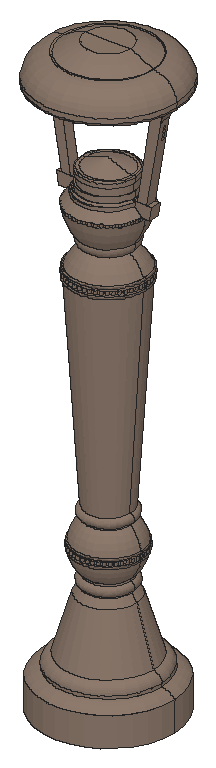
Revit family "BL7801", category Generic Models, Revit 2014
Parameters
  TOP CAP = Bronze, Architectural
  LENS = Acrylic
  DETAIL = Bronze, Architectural
  BODY = Bronze, Architectural
  ARMS = Bronze, Architectural
  ARM = Bronze, Architectural
Reference planes (in)
  plane 1 "Center (Front/Back)": y = 0
  plane 2: z = 0
  plane 3 "Center (Left/Right)": x = 0
  plane 4: y = 0.375
  plane 5: y = -0.375
Forms (in)
  Revolve 1, solid, material "Bronze, Architectural" <- "BODY"
    sketch origin (0, 0, 0) x (1, 0, 0) y (0, 0, 1)
      loop
        line (-5.17222, 2.29855) -> (-5.17222, 0) -> (0, 0) -> (0, 38.55176) -> (-1.78106, 37.91666) -> (-2.02741, 37.91666)
        arc (-2.02741, 37.91666) -> (-2.09197, 37.88992) -> (-2.11871, 37.82537) r 0.0913
        line (-2.11871, 37.82537) -> (-2.11871, 37.52756) -> (-2.02183, 37.52756) -> (-2.02183, 36.89956) -> (-2.11565, 36.89957) -> (-2.11565, 36.48192) -> (-2.2242, 36.48192)
        arc (-2.2242, 36.48192) -> (-2.29793, 36.42509) -> (-2.33856, 36.34134) r 0.20311
        line (-2.33856, 36.34134) -> (-2.39631, 36.34134) -> (-2.39634, 36.06009)
        arc (-2.39634, 36.06009) -> (-2.6927, 35.77315) -> (-2.96383, 35.46225) r 4.89171
        line (-2.96383, 35.46225) -> (-2.91629, 35.46225) -> (-2.8814, 35.22032) -> (-2.92966, 35.22032)
        arc (-2.92966, 35.22032) -> (-2.61464, 34.15583) -> (-2.05393, 33.19772) r 4.60282
        arc (-2.05393, 33.19772) -> (-2.00282, 32.70846) -> (-1.58935, 32.44195) r 0.56891
        arc (-1.58935, 32.44195) -> (-2.27867, 31.82113) -> (-2.78941, 31.04672) r 3.6534
        line (-2.78941, 31.04672) -> (-2.84581, 31.04672)
        arc (-2.84581, 31.04672) -> (-2.91612, 30.9764) -> (-2.84581, 30.90609) r 0.07031
        line (-2.84581, 30.90609) -> (-2.84581, 30.31604)
        arc (-2.84581, 30.31604) -> (-2.91606, 30.24578) -> (-2.84581, 30.17553) r 0.07025
        line (-2.84581, 30.17553) -> (-2.79711, 30.17553) -> (-1.71712, 14.18094)
        arc (-1.71712, 14.18094) -> (-2.01527, 13.83748) -> (-1.7262, 13.48634) r 0.35224
        line (-1.7262, 13.48634) -> (-1.7262, 13.35336)
        arc (-1.7262, 13.35336) -> (-2.26805, 12.65716) -> (-2.5398, 11.81785) r 2.54626
        arc (-2.5398, 11.81785) -> (-2.61295, 11.76713) -> (-2.55341, 11.70096) r 0.05931
        line (-2.55341, 11.70096) -> (-2.55341, 11.22907)
        arc (-2.55341, 11.22907) -> (-2.61348, 11.16315) -> (-2.53989, 11.11279) r 0.0591
        arc (-2.53989, 11.11279) -> (-2.26834, 10.27341) -> (-1.72667, 9.57708) r 2.54626
        line (-1.72667, 9.57708) -> (-1.72667, 9.44372)
        arc (-1.72667, 9.44372) -> (-2.02954, 9.13814) -> (-1.84498, 8.74949) r 0.37437
        line (-1.84498, 8.74949) -> (-1.84498, 8.66474)
        arc (-1.84498, 8.66474) -> (-2.04614, 8.36435) -> (-2.22269, 8.04886) r 4.52786
        line (-2.22269, 8.04886) -> (-3.52006, 3.85481)
        arc (-3.52006, 3.85481) -> (-3.98076, 3.59974) -> (-4.16383, 3.10599) r 0.75738
        line (-4.16383, 3.10599) -> (-4.16383, 2.87868)
        arc (-4.16383, 2.87868) -> (-4.72913, 2.69482) -> (-5.17222, 2.29855) r 1.44196
      axis (0, 38.55176) -> (0, 0)
    angle from 0 to 360
  Extrusion 2, solid, material "Bronze, Architectural" <- "ARM"
    sketch origin (0, 0, 0) x (1, 0, 0) y (0, 0, 1)
      loop
        arc (2.2242, 36.48192) -> (2.29764, 36.42486) -> (2.33856, 36.34134) r 0.20628
        line (2.33856, 36.34134) -> (2.39631, 36.34134) -> (2.39631, 36.06033)
        arc (2.39631, 36.06033) -> (2.67369, 35.7924) -> (2.92954, 35.50385) r 4.99008
        line (2.92954, 35.50385) -> (3.57696, 35.50385) -> (3.7242, 36.48192) -> (2.2242, 36.48192)
      loop
        line (-2.2242, 36.48192) -> (-3.7242, 36.48192) -> (-3.57696, 35.50385) -> (-2.92954, 35.50385)
        arc (-2.92954, 35.50385) -> (-2.67369, 35.7924) -> (-2.39631, 36.06033) r 4.99008
        line (-2.39631, 36.06033) -> (-2.39631, 36.34134) -> (-2.33856, 36.34134)
        arc (-2.33856, 36.34134) -> (-2.29764, 36.42486) -> (-2.2242, 36.48192) r 0.20628
    from -0.375 to 0.375
  Extrusion 3, solid, material "Bronze, Architectural" <- "BODY"
    sketch origin (-22.64624, 30.96454, 36.96488) x (0, -1, 0) y (1, 0, 0)
      loop
        arc (33.9065, 22.64613) -> (33.87897, 22.7126) -> (33.8125, 22.74013) r 0.094
        arc (33.8125, 22.74013) -> (33.80643, 22.83233) -> (33.79961, 22.92447) r 11.14513
        arc (33.79961, 22.92447) -> (33.88129, 23.0304) -> (33.77433, 23.11075) r 0.094
        arc (33.77433, 23.11075) -> (33.75783, 23.20162) -> (33.73909, 23.29206) r 3.74755
        arc (33.73909, 23.29206) -> (33.80628, 23.40737) -> (33.69043, 23.47365) r 0.094
        arc (33.69043, 23.47365) -> (33.66146, 23.56134) -> (33.6303, 23.64829) r 3.68966
        arc (33.6303, 23.64829) -> (33.68229, 23.77244) -> (33.55687, 23.82129) r 0.094
        arc (33.55687, 23.82129) -> (33.51846, 23.90523) -> (33.47596, 23.98716) r 1.86754
        arc (33.47596, 23.98716) -> (33.51245, 24.11674) -> (33.38199, 24.14992) r 0.094
        arc (33.38199, 24.14992) -> (33.3327, 24.22798) -> (33.27879, 24.30293) r 1.53124
        arc (33.27879, 24.30293) -> (33.29875, 24.43657) -> (33.16452, 24.45209) r 0.094
        arc (33.16452, 24.45209) -> (33.10656, 24.52398) -> (33.04343, 24.59138) r 1.24757
        arc (33.04343, 24.59138) -> (33.04504, 24.72588) -> (32.91054, 24.72428) r 0.094
        arc (32.91054, 24.72428) -> (32.84248, 24.78668) -> (32.77218, 24.84653) r 2.50879
        arc (32.77218, 24.84653) -> (32.7554, 24.97984) -> (32.62248, 24.96019) r 0.094
        arc (32.62248, 24.96019) -> (32.54706, 25.01344) -> (32.46943, 25.06342) r 2.16065
        arc (32.46943, 25.06342) -> (32.43589, 25.1933) -> (32.30665, 25.15741) r 0.094
        arc (32.30665, 25.15741) -> (32.22504, 25.20066) -> (32.14072, 25.23833) r 1.37278
        arc (32.14072, 25.23833) -> (32.0903, 25.36368) -> (31.96668, 25.30916) r 0.094
        arc (31.96668, 25.30916) -> (31.88051, 25.34229) -> (31.79221, 25.36924) r 1.30429
        arc (31.79221, 25.36924) -> (31.72644, 25.48715) -> (31.61066, 25.41769) r 0.094
        arc (31.61066, 25.41769) -> (31.52043, 25.43715) -> (31.4299, 25.45518) r 5.82574
        arc (31.4299, 25.45518) -> (31.34919, 25.56218) -> (31.24353, 25.47972) r 0.094
        arc (31.24353, 25.47972) -> (31.15146, 25.48695) -> (31.05928, 25.4926) r 5.38285
        arc (31.05928, 25.4926) -> (31.03153, 25.55959) -> (30.96454, 25.58734) r 0.09474
        arc (30.96454, 25.58734) -> (30.89755, 25.55959) -> (30.8698, 25.4926) r 0.09474
        arc (30.8698, 25.4926) -> (30.77762, 25.48695) -> (30.68554, 25.47972) r 5.38285
        arc (30.68554, 25.47972) -> (30.57989, 25.56218) -> (30.49918, 25.45518) r 0.094
        arc (30.49918, 25.45518) -> (30.40865, 25.43715) -> (30.31842, 25.41769) r 5.82574
        arc (30.31842, 25.41769) -> (30.20264, 25.48715) -> (30.13687, 25.36924) r 0.094
        arc (30.13687, 25.36924) -> (30.04857, 25.34229) -> (29.9624, 25.30916) r 1.30429
        arc (29.9624, 25.30916) -> (29.83878, 25.36368) -> (29.78836, 25.23833) r 0.094
        arc (29.78836, 25.23833) -> (29.70403, 25.20066) -> (29.62243, 25.15741) r 1.37278
        arc (29.62243, 25.15741) -> (29.49319, 25.1933) -> (29.45965, 25.06342) r 0.094
        arc (29.45965, 25.06342) -> (29.38202, 25.01344) -> (29.3066, 24.96019) r 2.16065
        arc (29.3066, 24.96019) -> (29.17368, 24.97984) -> (29.1569, 24.84653) r 0.094
        arc (29.1569, 24.84653) -> (29.0866, 24.78668) -> (29.01854, 24.72428) r 2.50879
        arc (29.01854, 24.72428) -> (28.88404, 24.72588) -> (28.88564, 24.59138) r 0.094
        arc (28.88564, 24.59138) -> (28.82252, 24.52398) -> (28.76456, 24.45209) r 1.24757
        arc (28.76456, 24.45209) -> (28.63033, 24.43657) -> (28.65029, 24.30293) r 0.094
        arc (28.65029, 24.30293) -> (28.59638, 24.22798) -> (28.54709, 24.14992) r 1.53124
        arc (28.54709, 24.14992) -> (28.41663, 24.11674) -> (28.45312, 23.98716) r 0.094
        arc (28.45312, 23.98716) -> (28.41061, 23.90523) -> (28.37221, 23.82129) r 1.86754
        arc (28.37221, 23.82129) -> (28.24678, 23.77244) -> (28.29878, 23.64829) r 0.094
        arc (28.29878, 23.64829) -> (28.26762, 23.56134) -> (28.23865, 23.47365) r 3.68966
        arc (28.23865, 23.47365) -> (28.1228, 23.40737) -> (28.18999, 23.29206) r 0.094
        arc (28.18999, 23.29206) -> (28.17125, 23.20162) -> (28.15475, 23.11075) r 3.74755
        arc (28.15475, 23.11075) -> (28.04779, 23.0304) -> (28.12947, 22.92447) r 0.094
        arc (28.12947, 22.92447) -> (28.12264, 22.83233) -> (28.11658, 22.74013) r 11.14513
        arc (28.11658, 22.74013) -> (28.05011, 22.7126) -> (28.02258, 22.64613) r 0.094
        arc (28.02258, 22.64613) -> (28.05011, 22.57966) -> (28.11658, 22.55213) r 0.094
        arc (28.11658, 22.55213) -> (28.12264, 22.45994) -> (28.12947, 22.36779) r 11.14513
        arc (28.12947, 22.36779) -> (28.04779, 22.26186) -> (28.15475, 22.18151) r 0.094
        arc (28.15475, 22.18151) -> (28.17125, 22.09064) -> (28.18999, 22.0002) r 3.74755
        arc (28.18999, 22.0002) -> (28.1228, 21.88489) -> (28.23865, 21.81862) r 0.094
        arc (28.23865, 21.81862) -> (28.26762, 21.73092) -> (28.29878, 21.64398) r 3.68966
        arc (28.29878, 21.64398) -> (28.24678, 21.51982) -> (28.37221, 21.47098) r 0.094
        arc (28.37221, 21.47098) -> (28.41061, 21.38704) -> (28.45312, 21.3051) r 1.86754
        arc (28.45312, 21.3051) -> (28.41663, 21.17552) -> (28.54709, 21.14234) r 0.094
        arc (28.54709, 21.14234) -> (28.59638, 21.06428) -> (28.65029, 20.98933) r 1.53124
        arc (28.65029, 20.98933) -> (28.63033, 20.85569) -> (28.76456, 20.84017) r 0.094
        arc (28.76456, 20.84017) -> (28.82252, 20.76828) -> (28.88564, 20.70088) r 1.24757
        arc (28.88564, 20.70088) -> (28.88404, 20.56638) -> (29.01854, 20.56798) r 0.094
        arc (29.01854, 20.56798) -> (29.0866, 20.50558) -> (29.1569, 20.44573) r 2.50879
        arc (29.1569, 20.44573) -> (29.17368, 20.31242) -> (29.3066, 20.33207) r 0.094
        arc (29.3066, 20.33207) -> (29.38202, 20.27882) -> (29.45965, 20.22884) r 2.16065
        arc (29.45965, 20.22884) -> (29.49319, 20.09896) -> (29.62243, 20.13486) r 0.094
        arc (29.62243, 20.13486) -> (29.70403, 20.0916) -> (29.78836, 20.05393) r 1.37278
        arc (29.78836, 20.05393) -> (29.83878, 19.92858) -> (29.9624, 19.9831) r 0.094
        arc (29.9624, 19.9831) -> (30.04857, 19.94997) -> (30.13687, 19.92302) r 1.30429
        arc (30.13687, 19.92302) -> (30.20264, 19.80511) -> (30.31842, 19.87457) r 0.094
        arc (30.31842, 19.87457) -> (30.40865, 19.85511) -> (30.49918, 19.83708) r 5.82574
        arc (30.49918, 19.83708) -> (30.57989, 19.73008) -> (30.68554, 19.81255) r 0.094
        arc (30.68554, 19.81255) -> (30.77762, 19.80531) -> (30.8698, 19.79966) r 5.38285
        arc (30.8698, 19.79966) -> (30.89755, 19.73267) -> (30.96454, 19.70492) r 0.09474
        arc (30.96454, 19.70492) -> (31.03153, 19.73267) -> (31.05928, 19.79966) r 0.09474
        arc (31.05928, 19.79966) -> (31.15146, 19.80531) -> (31.24353, 19.81255) r 5.38285
        arc (31.24353, 19.81255) -> (31.34919, 19.73008) -> (31.4299, 19.83708) r 0.094
        arc (31.4299, 19.83708) -> (31.52043, 19.85511) -> (31.61066, 19.87457) r 5.82574
        arc (31.61066, 19.87457) -> (31.72644, 19.80511) -> (31.79221, 19.92302) r 0.094
        arc (31.79221, 19.92302) -> (31.88051, 19.94997) -> (31.96668, 19.9831) r 1.30429
        arc (31.96668, 19.9831) -> (32.0903, 19.92858) -> (32.14072, 20.05393) r 0.094
        arc (32.14072, 20.05393) -> (32.22504, 20.0916) -> (32.30665, 20.13486) r 1.37278
        arc (32.30665, 20.13486) -> (32.43589, 20.09896) -> (32.46943, 20.22884) r 0.094
        arc (32.46943, 20.22884) -> (32.54706, 20.27882) -> (32.62248, 20.33207) r 2.16065
        arc (32.62248, 20.33207) -> (32.7554, 20.31242) -> (32.77218, 20.44573) r 0.094
        arc (32.77218, 20.44573) -> (32.84248, 20.50558) -> (32.91054, 20.56798) r 2.50879
        arc (32.91054, 20.56798) -> (33.04504, 20.56638) -> (33.04343, 20.70088) r 0.094
        arc (33.04343, 20.70088) -> (33.10656, 20.76828) -> (33.16452, 20.84017) r 1.24757
        arc (33.16452, 20.84017) -> (33.29875, 20.85569) -> (33.27879, 20.98933) r 0.094
        arc (33.27879, 20.98933) -> (33.3327, 21.06428) -> (33.38199, 21.14234) r 1.53124
        arc (33.38199, 21.14234) -> (33.51245, 21.17552) -> (33.47596, 21.3051) r 0.094
        arc (33.47596, 21.3051) -> (33.51846, 21.38704) -> (33.55687, 21.47098) r 1.86754
        arc (33.55687, 21.47098) -> (33.68229, 21.51982) -> (33.6303, 21.64398) r 0.094
        arc (33.6303, 21.64398) -> (33.66146, 21.73092) -> (33.69043, 21.81862) r 3.68966
        arc (33.69043, 21.81862) -> (33.80628, 21.88489) -> (33.73909, 22.0002) r 0.094
        arc (33.73909, 22.0002) -> (33.75783, 22.09064) -> (33.77433, 22.18151) r 3.74755
        arc (33.77433, 22.18151) -> (33.88129, 22.26186) -> (33.79961, 22.36779) r 0.094
        arc (33.79961, 22.36779) -> (33.80643, 22.45994) -> (33.8125, 22.55213) r 11.14513
        arc (33.8125, 22.55213) -> (33.87897, 22.57966) -> (33.9065, 22.64613) r 0.094
    from -6.44965 to -6.26004
  Extrusion 4, solid, material "Bronze, Architectural" <- "BODY"
    sketch origin (-22.64612, 12.64711, 0.93911) x (0, -1, 0) y (1, 0, 0)
      loop
        arc (15.29448, 22.64613) -> (15.26694, 22.7126) -> (15.20048, 22.74013) r 0.094
        arc (15.20048, 22.74013) -> (15.19445, 22.82827) -> (15.18508, 22.91611) r 2.31945
        arc (15.18508, 22.91611) -> (15.26775, 23.02127) -> (15.16157, 23.10262) r 0.094
        arc (15.16157, 23.10262) -> (15.14203, 23.1888) -> (15.12182, 23.27483) r 11.43628
        arc (15.12182, 23.27483) -> (15.18724, 23.39196) -> (15.06891, 23.45519) r 0.094
        arc (15.06891, 23.45519) -> (15.03973, 23.53853) -> (15.00565, 23.61998) r 1.48513
        arc (15.00565, 23.61998) -> (15.05533, 23.74569) -> (14.92801, 23.79108) r 0.094
        arc (14.92801, 23.79108) -> (14.88792, 23.86973) -> (14.84449, 23.94659) r 2.05883
        arc (14.84449, 23.94659) -> (14.87369, 24.07822) -> (14.74129, 24.10364) r 0.094
        arc (14.74129, 24.10364) -> (14.69099, 24.17619) -> (14.63705, 24.24608) r 1.72704
        arc (14.63705, 24.24608) -> (14.64775, 24.37991) -> (14.51373, 24.38794) r 0.094
        arc (14.51373, 24.38794) -> (14.45239, 24.45188) -> (14.38845, 24.51322) r 2.13814
        arc (14.38845, 24.51322) -> (14.38016, 24.64702) -> (14.2466, 24.63556) r 0.09368
        arc (14.2466, 24.63556) -> (14.17758, 24.69064) -> (14.10561, 24.7418) r 1.58886
        arc (14.10561, 24.7418) -> (14.07779, 24.87288) -> (13.94717, 24.84299) r 0.09401
        arc (13.94717, 24.84299) -> (13.87076, 24.88739) -> (13.7918, 24.92707) r 1.45772
        arc (13.7918, 24.92707) -> (13.74733, 25.054) -> (13.6216, 25.00624) r 0.09389
        arc (13.6216, 25.00624) -> (13.53941, 25.03852) -> (13.45615, 25.06795) r 2.55387
        arc (13.45615, 25.06795) -> (13.39237, 25.18644) -> (13.27549, 25.11975) r 0.094
        arc (13.27549, 25.11975) -> (13.1898, 25.14178) -> (13.1028, 25.15788) r 1.28671
        arc (13.1028, 25.15788) -> (13.02419, 25.26638) -> (12.91726, 25.18564) r 0.09382
        arc (12.91726, 25.18564) -> (12.8295, 25.19509) -> (12.74125, 25.19658) r 0.9783
        arc (12.74125, 25.19658) -> (12.71464, 25.26493) -> (12.64709, 25.29351) r 0.09428
        arc (12.64709, 25.29351) -> (12.57955, 25.26493) -> (12.55293, 25.19658) r 0.09428
        arc (12.55293, 25.19658) -> (12.46468, 25.19509) -> (12.37692, 25.18564) r 0.9783
        arc (12.37692, 25.18564) -> (12.27, 25.26638) -> (12.19138, 25.15788) r 0.09382
        arc (12.19138, 25.15788) -> (12.10438, 25.14178) -> (12.01869, 25.11975) r 1.28671
        arc (12.01869, 25.11975) -> (11.90181, 25.18644) -> (11.83803, 25.06795) r 0.094
        arc (11.83803, 25.06795) -> (11.75478, 25.03852) -> (11.67259, 25.00624) r 2.55387
        arc (11.67259, 25.00624) -> (11.54686, 25.054) -> (11.50238, 24.92707) r 0.09389
        arc (11.50238, 24.92707) -> (11.42343, 24.88739) -> (11.34702, 24.84299) r 1.45772
        arc (11.34702, 24.84299) -> (11.21639, 24.87288) -> (11.18857, 24.7418) r 0.09401
        arc (11.18857, 24.7418) -> (11.1166, 24.69064) -> (11.04758, 24.63556) r 1.58886
        arc (11.04758, 24.63556) -> (10.91402, 24.64702) -> (10.90574, 24.51322) r 0.09368
        arc (10.90574, 24.51322) -> (10.8418, 24.45188) -> (10.78045, 24.38794) r 2.13814
        arc (10.78045, 24.38794) -> (10.64643, 24.37991) -> (10.65714, 24.24608) r 0.094
        arc (10.65714, 24.24608) -> (10.6032, 24.17619) -> (10.5529, 24.10364) r 1.72704
        arc (10.5529, 24.10364) -> (10.42049, 24.07822) -> (10.44969, 23.94659) r 0.094
        arc (10.44969, 23.94659) -> (10.40627, 23.86973) -> (10.36617, 23.79108) r 2.05883
        arc (10.36617, 23.79108) -> (10.23885, 23.74569) -> (10.28853, 23.61998) r 0.094
        arc (10.28853, 23.61998) -> (10.25446, 23.53853) -> (10.22528, 23.45519) r 1.48513
        arc (10.22528, 23.45519) -> (10.10694, 23.39196) -> (10.17237, 23.27483) r 0.094
        arc (10.17237, 23.27483) -> (10.15215, 23.1888) -> (10.13261, 23.10262) r 11.43628
        arc (10.13261, 23.10262) -> (10.02644, 23.02127) -> (10.10911, 22.91611) r 0.094
        arc (10.10911, 22.91611) -> (10.09973, 22.82827) -> (10.09371, 22.74013) r 2.31945
        arc (10.09371, 22.74013) -> (10.02724, 22.7126) -> (9.99971, 22.64613) r 0.094
        arc (9.99971, 22.64613) -> (10.02724, 22.57966) -> (10.09371, 22.55213) r 0.094
        arc (10.09371, 22.55213) -> (10.09973, 22.46399) -> (10.10911, 22.37615) r 2.31945
        arc (10.10911, 22.37615) -> (10.02644, 22.27099) -> (10.13261, 22.18964) r 0.094
        arc (10.13261, 22.18964) -> (10.15215, 22.10346) -> (10.17237, 22.01744) r 11.43628
        arc (10.17237, 22.01744) -> (10.10694, 21.9003) -> (10.22528, 21.83707) r 0.094
        arc (10.22528, 21.83707) -> (10.25446, 21.75374) -> (10.28853, 21.67228) r 1.48513
        arc (10.28853, 21.67228) -> (10.23885, 21.54658) -> (10.36617, 21.50118) r 0.094
        arc (10.36617, 21.50118) -> (10.40627, 21.42253) -> (10.44969, 21.34567) r 2.05883
        arc (10.44969, 21.34567) -> (10.42049, 21.21404) -> (10.5529, 21.18862) r 0.094
        arc (10.5529, 21.18862) -> (10.6032, 21.11607) -> (10.65714, 21.04618) r 1.72704
        arc (10.65714, 21.04618) -> (10.64643, 20.91235) -> (10.78045, 20.90433) r 0.094
        arc (10.78045, 20.90433) -> (10.8418, 20.84038) -> (10.90574, 20.77904) r 2.13814
        arc (10.90574, 20.77904) -> (10.91402, 20.64525) -> (11.04758, 20.65671) r 0.09368
        arc (11.04758, 20.65671) -> (11.1166, 20.60162) -> (11.18857, 20.55046) r 1.58886
        arc (11.18857, 20.55046) -> (11.21639, 20.41938) -> (11.34702, 20.44927) r 0.09401
        arc (11.34702, 20.44927) -> (11.42343, 20.40488) -> (11.50238, 20.36519) r 1.45772
        arc (11.50238, 20.36519) -> (11.54686, 20.23826) -> (11.67259, 20.28602) r 0.09389
        arc (11.67259, 20.28602) -> (11.75478, 20.25374) -> (11.83803, 20.22432) r 2.55387
        arc (11.83803, 20.22432) -> (11.90181, 20.10582) -> (12.01869, 20.17251) r 0.094
        arc (12.01869, 20.17251) -> (12.10438, 20.15048) -> (12.19138, 20.13438) r 1.28671
        arc (12.19138, 20.13438) -> (12.27, 20.02588) -> (12.37692, 20.10662) r 0.09382
        arc (12.37692, 20.10662) -> (12.46468, 20.09718) -> (12.55293, 20.09568) r 0.9783
        arc (12.55293, 20.09568) -> (12.57955, 20.02733) -> (12.64709, 19.99875) r 0.09428
        arc (12.64709, 19.99875) -> (12.71464, 20.02733) -> (12.74125, 20.09568) r 0.09428
        arc (12.74125, 20.09568) -> (12.8295, 20.09718) -> (12.91726, 20.10662) r 0.9783
        arc (12.91726, 20.10662) -> (13.02419, 20.02588) -> (13.1028, 20.13438) r 0.09382
        arc (13.1028, 20.13438) -> (13.1898, 20.15048) -> (13.27549, 20.17251) r 1.28671
        arc (13.27549, 20.17251) -> (13.39237, 20.10582) -> (13.45615, 20.22432) r 0.094
        arc (13.45615, 20.22432) -> (13.53941, 20.25374) -> (13.6216, 20.28602) r 2.55387
        arc (13.6216, 20.28602) -> (13.74733, 20.23826) -> (13.7918, 20.36519) r 0.09389
        arc (13.7918, 20.36519) -> (13.87076, 20.40488) -> (13.94717, 20.44927) r 1.45772
        arc (13.94717, 20.44927) -> (14.07779, 20.41938) -> (14.10561, 20.55046) r 0.09401
        arc (14.10561, 20.55046) -> (14.17758, 20.60162) -> (14.2466, 20.65671) r 1.58886
        arc (14.2466, 20.65671) -> (14.38016, 20.64525) -> (14.38845, 20.77904) r 0.09368
        arc (14.38845, 20.77904) -> (14.45239, 20.84038) -> (14.51373, 20.90433) r 2.13814
        arc (14.51373, 20.90433) -> (14.64775, 20.91235) -> (14.63705, 21.04618) r 0.094
        arc (14.63705, 21.04618) -> (14.69099, 21.11607) -> (14.74129, 21.18862) r 1.72704
        arc (14.74129, 21.18862) -> (14.87369, 21.21404) -> (14.84449, 21.34567) r 0.094
        arc (14.84449, 21.34567) -> (14.88792, 21.42253) -> (14.92801, 21.50118) r 2.05883
        arc (14.92801, 21.50118) -> (15.05533, 21.54658) -> (15.00565, 21.67228) r 0.094
        arc (15.00565, 21.67228) -> (15.03973, 21.75374) -> (15.06891, 21.83707) r 1.48513
        arc (15.06891, 21.83707) -> (15.18724, 21.9003) -> (15.12182, 22.01744) r 0.094
        arc (15.12182, 22.01744) -> (15.14203, 22.10346) -> (15.16157, 22.18964) r 11.43628
        arc (15.16157, 22.18964) -> (15.26775, 22.27099) -> (15.18508, 22.37615) r 0.094
        arc (15.18508, 22.37615) -> (15.19445, 22.46399) -> (15.20048, 22.55213) r 2.31945
        arc (15.20048, 22.55213) -> (15.26694, 22.57966) -> (15.29448, 22.64613) r 0.094
    from 10.43247 to 10.62006
  Extrusion 5, solid, material "Bronze, Architectural" <- "BODY"
    sketch origin (-22.64624, 30.96454, 41.6946) x (0, -1, 0) y (1, 0, 0)
      loop
        arc (33.9065, 22.64613) -> (33.87897, 22.7126) -> (33.8125, 22.74013) r 0.094
        arc (33.8125, 22.74013) -> (33.80643, 22.83233) -> (33.79961, 22.92447) r 11.14513
        arc (33.79961, 22.92447) -> (33.88129, 23.0304) -> (33.77433, 23.11075) r 0.094
        arc (33.77433, 23.11075) -> (33.75783, 23.20162) -> (33.73909, 23.29206) r 3.74755
        arc (33.73909, 23.29206) -> (33.80628, 23.40737) -> (33.69043, 23.47365) r 0.094
        arc (33.69043, 23.47365) -> (33.66146, 23.56134) -> (33.6303, 23.64829) r 3.68966
        arc (33.6303, 23.64829) -> (33.68229, 23.77244) -> (33.55687, 23.82129) r 0.094
        arc (33.55687, 23.82129) -> (33.51846, 23.90523) -> (33.47596, 23.98716) r 1.86754
        arc (33.47596, 23.98716) -> (33.51245, 24.11674) -> (33.38199, 24.14992) r 0.094
        arc (33.38199, 24.14992) -> (33.3327, 24.22798) -> (33.27879, 24.30293) r 1.53124
        arc (33.27879, 24.30293) -> (33.29875, 24.43657) -> (33.16452, 24.45209) r 0.094
        arc (33.16452, 24.45209) -> (33.10656, 24.52398) -> (33.04343, 24.59138) r 1.24757
        arc (33.04343, 24.59138) -> (33.04504, 24.72588) -> (32.91054, 24.72428) r 0.094
        arc (32.91054, 24.72428) -> (32.84248, 24.78668) -> (32.77218, 24.84653) r 2.50879
        arc (32.77218, 24.84653) -> (32.7554, 24.97984) -> (32.62248, 24.96019) r 0.094
        arc (32.62248, 24.96019) -> (32.54706, 25.01344) -> (32.46943, 25.06342) r 2.16065
        arc (32.46943, 25.06342) -> (32.43589, 25.1933) -> (32.30665, 25.15741) r 0.094
        arc (32.30665, 25.15741) -> (32.22504, 25.20066) -> (32.14072, 25.23833) r 1.37278
        arc (32.14072, 25.23833) -> (32.0903, 25.36368) -> (31.96668, 25.30916) r 0.094
        arc (31.96668, 25.30916) -> (31.88051, 25.34229) -> (31.79221, 25.36924) r 1.30429
        arc (31.79221, 25.36924) -> (31.72644, 25.48715) -> (31.61066, 25.41769) r 0.094
        arc (31.61066, 25.41769) -> (31.52043, 25.43715) -> (31.4299, 25.45518) r 5.82574
        arc (31.4299, 25.45518) -> (31.34919, 25.56218) -> (31.24353, 25.47972) r 0.094
        arc (31.24353, 25.47972) -> (31.15146, 25.48695) -> (31.05928, 25.4926) r 5.38285
        arc (31.05928, 25.4926) -> (31.03153, 25.55959) -> (30.96454, 25.58734) r 0.09474
        arc (30.96454, 25.58734) -> (30.89755, 25.55959) -> (30.8698, 25.4926) r 0.09474
        arc (30.8698, 25.4926) -> (30.77762, 25.48695) -> (30.68554, 25.47972) r 5.38285
        arc (30.68554, 25.47972) -> (30.57989, 25.56218) -> (30.49918, 25.45518) r 0.094
        arc (30.49918, 25.45518) -> (30.40865, 25.43715) -> (30.31842, 25.41769) r 5.82574
        arc (30.31842, 25.41769) -> (30.20264, 25.48715) -> (30.13687, 25.36924) r 0.094
        arc (30.13687, 25.36924) -> (30.04857, 25.34229) -> (29.9624, 25.30916) r 1.30429
        arc (29.9624, 25.30916) -> (29.83878, 25.36368) -> (29.78836, 25.23833) r 0.094
        arc (29.78836, 25.23833) -> (29.70403, 25.20066) -> (29.62243, 25.15741) r 1.37278
        arc (29.62243, 25.15741) -> (29.49319, 25.1933) -> (29.45965, 25.06342) r 0.094
        arc (29.45965, 25.06342) -> (29.38202, 25.01344) -> (29.3066, 24.96019) r 2.16065
        arc (29.3066, 24.96019) -> (29.17368, 24.97984) -> (29.1569, 24.84653) r 0.094
        arc (29.1569, 24.84653) -> (29.0866, 24.78668) -> (29.01854, 24.72428) r 2.50879
        arc (29.01854, 24.72428) -> (28.88404, 24.72588) -> (28.88564, 24.59138) r 0.094
        arc (28.88564, 24.59138) -> (28.82252, 24.52398) -> (28.76456, 24.45209) r 1.24757
        arc (28.76456, 24.45209) -> (28.63033, 24.43657) -> (28.65029, 24.30293) r 0.094
        arc (28.65029, 24.30293) -> (28.59638, 24.22798) -> (28.54709, 24.14992) r 1.53124
        arc (28.54709, 24.14992) -> (28.41663, 24.11674) -> (28.45312, 23.98716) r 0.094
        arc (28.45312, 23.98716) -> (28.41061, 23.90523) -> (28.37221, 23.82129) r 1.86754
        arc (28.37221, 23.82129) -> (28.24678, 23.77244) -> (28.29878, 23.64829) r 0.094
        arc (28.29878, 23.64829) -> (28.26762, 23.56134) -> (28.23865, 23.47365) r 3.68966
        arc (28.23865, 23.47365) -> (28.1228, 23.40737) -> (28.18999, 23.29206) r 0.094
        arc (28.18999, 23.29206) -> (28.17125, 23.20162) -> (28.15475, 23.11075) r 3.74755
        arc (28.15475, 23.11075) -> (28.04779, 23.0304) -> (28.12947, 22.92447) r 0.094
        arc (28.12947, 22.92447) -> (28.12264, 22.83233) -> (28.11658, 22.74013) r 11.14513
        arc (28.11658, 22.74013) -> (28.05011, 22.7126) -> (28.02258, 22.64613) r 0.094
        arc (28.02258, 22.64613) -> (28.05011, 22.57966) -> (28.11658, 22.55213) r 0.094
        arc (28.11658, 22.55213) -> (28.12264, 22.45994) -> (28.12947, 22.36779) r 11.14513
        arc (28.12947, 22.36779) -> (28.04779, 22.26186) -> (28.15475, 22.18151) r 0.094
        arc (28.15475, 22.18151) -> (28.17125, 22.09064) -> (28.18999, 22.0002) r 3.74755
        arc (28.18999, 22.0002) -> (28.1228, 21.88489) -> (28.23865, 21.81862) r 0.094
        arc (28.23865, 21.81862) -> (28.26762, 21.73092) -> (28.29878, 21.64398) r 3.68966
        arc (28.29878, 21.64398) -> (28.24678, 21.51982) -> (28.37221, 21.47098) r 0.094
        arc (28.37221, 21.47098) -> (28.41061, 21.38704) -> (28.45312, 21.3051) r 1.86754
        arc (28.45312, 21.3051) -> (28.41663, 21.17552) -> (28.54709, 21.14234) r 0.094
        arc (28.54709, 21.14234) -> (28.59638, 21.06428) -> (28.65029, 20.98933) r 1.53124
        arc (28.65029, 20.98933) -> (28.63033, 20.85569) -> (28.76456, 20.84017) r 0.094
        arc (28.76456, 20.84017) -> (28.82252, 20.76828) -> (28.88564, 20.70088) r 1.24757
        arc (28.88564, 20.70088) -> (28.88404, 20.56638) -> (29.01854, 20.56798) r 0.094
        arc (29.01854, 20.56798) -> (29.0866, 20.50558) -> (29.1569, 20.44573) r 2.50879
        arc (29.1569, 20.44573) -> (29.17368, 20.31242) -> (29.3066, 20.33207) r 0.094
        arc (29.3066, 20.33207) -> (29.38202, 20.27882) -> (29.45965, 20.22884) r 2.16065
        arc (29.45965, 20.22884) -> (29.49319, 20.09896) -> (29.62243, 20.13486) r 0.094
        arc (29.62243, 20.13486) -> (29.70403, 20.0916) -> (29.78836, 20.05393) r 1.37278
        arc (29.78836, 20.05393) -> (29.83878, 19.92858) -> (29.9624, 19.9831) r 0.094
        arc (29.9624, 19.9831) -> (30.04857, 19.94997) -> (30.13687, 19.92302) r 1.30429
        arc (30.13687, 19.92302) -> (30.20264, 19.80511) -> (30.31842, 19.87457) r 0.094
        arc (30.31842, 19.87457) -> (30.40865, 19.85511) -> (30.49918, 19.83708) r 5.82574
        arc (30.49918, 19.83708) -> (30.57989, 19.73008) -> (30.68554, 19.81255) r 0.094
        arc (30.68554, 19.81255) -> (30.77762, 19.80531) -> (30.8698, 19.79966) r 5.38285
        arc (30.8698, 19.79966) -> (30.89755, 19.73267) -> (30.96454, 19.70492) r 0.09474
        arc (30.96454, 19.70492) -> (31.03153, 19.73267) -> (31.05928, 19.79966) r 0.09474
        arc (31.05928, 19.79966) -> (31.15146, 19.80531) -> (31.24353, 19.81255) r 5.38285
        arc (31.24353, 19.81255) -> (31.34919, 19.73008) -> (31.4299, 19.83708) r 0.094
        arc (31.4299, 19.83708) -> (31.52043, 19.85511) -> (31.61066, 19.87457) r 5.82574
        arc (31.61066, 19.87457) -> (31.72644, 19.80511) -> (31.79221, 19.92302) r 0.094
        arc (31.79221, 19.92302) -> (31.88051, 19.94997) -> (31.96668, 19.9831) r 1.30429
        arc (31.96668, 19.9831) -> (32.0903, 19.92858) -> (32.14072, 20.05393) r 0.094
        arc (32.14072, 20.05393) -> (32.22504, 20.0916) -> (32.30665, 20.13486) r 1.37278
        arc (32.30665, 20.13486) -> (32.43589, 20.09896) -> (32.46943, 20.22884) r 0.094
        arc (32.46943, 20.22884) -> (32.54706, 20.27882) -> (32.62248, 20.33207) r 2.16065
        arc (32.62248, 20.33207) -> (32.7554, 20.31242) -> (32.77218, 20.44573) r 0.094
        arc (32.77218, 20.44573) -> (32.84248, 20.50558) -> (32.91054, 20.56798) r 2.50879
        arc (32.91054, 20.56798) -> (33.04504, 20.56638) -> (33.04343, 20.70088) r 0.094
        arc (33.04343, 20.70088) -> (33.10656, 20.76828) -> (33.16452, 20.84017) r 1.24757
        arc (33.16452, 20.84017) -> (33.29875, 20.85569) -> (33.27879, 20.98933) r 0.094
        arc (33.27879, 20.98933) -> (33.3327, 21.06428) -> (33.38199, 21.14234) r 1.53124
        arc (33.38199, 21.14234) -> (33.51245, 21.17552) -> (33.47596, 21.3051) r 0.094
        arc (33.47596, 21.3051) -> (33.51846, 21.38704) -> (33.55687, 21.47098) r 1.86754
        arc (33.55687, 21.47098) -> (33.68229, 21.51982) -> (33.6303, 21.64398) r 0.094
        arc (33.6303, 21.64398) -> (33.66146, 21.73092) -> (33.69043, 21.81862) r 3.68966
        arc (33.69043, 21.81862) -> (33.80628, 21.88489) -> (33.73909, 22.0002) r 0.094
        arc (33.73909, 22.0002) -> (33.75783, 22.09064) -> (33.77433, 22.18151) r 3.74755
        arc (33.77433, 22.18151) -> (33.88129, 22.26186) -> (33.79961, 22.36779) r 0.094
        arc (33.79961, 22.36779) -> (33.80643, 22.45994) -> (33.8125, 22.55213) r 11.14513
        arc (33.8125, 22.55213) -> (33.87897, 22.57966) -> (33.9065, 22.64613) r 0.094
    from -6.44965 to -6.26004
  Extrusion 6, solid, material "Bronze, Architectural" <- "ARMS"
    sketch origin (0, 0, 5.23284) x (1, 0, 0) y (0, 0, 1)
      loop
        line (3.3485, 31.24857) -> (4.62065, 38.4983) -> (3.75786, 38.4983) -> (2.61484, 31.24857) -> (3.3485, 31.24857)
      loop
        line (-3.3485, 31.24857) -> (-2.61484, 31.24857) -> (-3.75786, 38.4983) -> (-4.62065, 38.4983) -> (-3.3485, 31.24857)
    from -0.375 to 0.375
  Extrusion 7, solid, material "Bronze, Architectural" <- "DETAIL"
    sketch origin (0, 0, 5.23284) x (1, 0, 0) y (0, 0, 1)
      loop
        line (-4.44369, 37.48985) -> (-4.62071, 38.49865) -> (-4.94382, 38.49865) -> (-4.44369, 37.48985)
      loop
        line (4.44369, 37.48985) -> (4.94382, 38.49865) -> (4.62071, 38.49865) -> (4.44369, 37.48985)
    from -0.375 to 0.375
  Extrusion 8, solid, material "Bronze, Architectural" <- "DETAIL"
    sketch origin (5.86834, 0.00204, 6.27136) x (-0.000348, 1, 0) y (-0.161399, -0.000056, 0.986889)
      loop
        circle (0, 37.08199) r 0.07331
      loop
        circle (0, 36.78536) r 0.07255
      loop
        circle (0, 36.48873) r 0.07151
      loop
        circle (0, 36.19661) r 0.0718
    from -4.33193 to -4.24651
  Extrusion 9, solid, material "Bronze, Architectural" <- "DETAIL"
    sketch origin (-5.86834, -0.00165, 6.27136) x (0.000281, -1, 0) y (0.161399, 0.000045, 0.986889)
      loop
        circle (0, 37.08199) r 0.07331
      loop
        circle (0, 36.78536) r 0.07255
      loop
        circle (0, 36.48873) r 0.07151
      loop
        circle (0, 36.19661) r 0.0718
    from -4.33193 to -4.24297
  Revolve 10, solid, material "Bronze, Architectural" <- "TOP CAP"
    sketch origin (0, 0, 4.71057) x (1, 0, 0) y (0, 0, 1)
      loop
        arc (-1.72469, 41.99709) -> (-2.61441, 41.65584) -> (-3.44421, 41.18733) r 6.45554
        line (-3.44421, 41.18733) -> (-3.58046, 41.18733)
        arc (-3.58046, 41.18733) -> (-4.77482, 40.66809) -> (-5.39076, 39.52061) r 1.98616
        line (-5.39076, 39.52061) -> (-5.39076, 39.14561)
        arc (-5.39076, 39.14561) -> (-5.35414, 39.05722) -> (-5.26576, 39.02061) r 0.125
        line (-5.26576, 39.02061) -> (0, 39.02061) -> (0, 41.99709) -> (-1.72469, 41.99709)
      axis (0, 41.99709) -> (0, 39.02061)
    angle from 0 to 360
  Revolve 11, void
    sketch origin (0, 0, 5.23284) x (1, 0, 0) y (0, 0, 1)
      loop
        line (0, 38.37438) -> (0, 38.9982) -> (-2.89086, 38.9982) -> (-3.51468, 38.37438) -> (0, 38.37438)
      axis (0, 38.37438) -> (0, 38.9982)
    angle from 0 to 360
  Revolve 12, solid, material "Acrylic" <- "LENS"
    sketch origin (0, 0, 5.23289) x (1, 0, 0) y (0, 0, 1)
      loop
        line (3.26542, 38.62365) -> (3.14008, 38.74899) -> (0, 38.74899) -> (0, 38.62365) -> (3.26542, 38.62365)
      axis (0, 38.74899) -> (0, 38.62365)
    angle from 0 to 360
Cuts and joins
  Revolve 11 cuts Revolve 1
  Revolve 11 cuts Revolve 10
Dimensions and locks (in)
  aligned and locked: plane 2 to level
